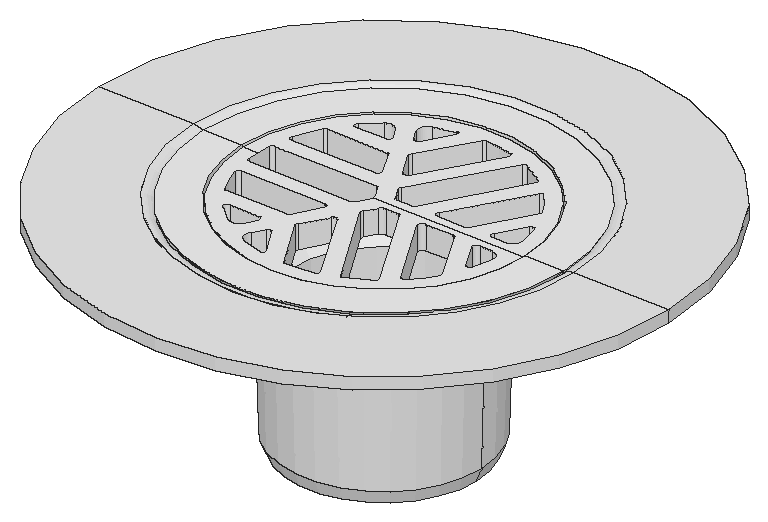
Revit family "5000.121 VC COB HF BE50", category Plumbing Fixtures, Revit 2016
Family settings
  Part Type = Normal
  Round Connector Dimension = Use Diameter
  Work Plane-Based = No
  Always vertical = Yes
  Cut with Voids When Loaded = No
  Shared = No
  Room Calculation Point = No
Parameters (values of type "5000.121")
  Waste Connection = yes
  Vent Connection = no
  URL = "www.aquaknight.co.nz"
  Phone = "+6498322214"  # constant formula
  Model = "VC COB HF BE50 – 5000.121"
  Manufacturer = "Aquanight Industries Ltd"  # constant formula
  HW Connection = no
  Email = "info@aquaknight.co.nz"  # constant formula
  Description = "DWV50 Free-form vinyl floor with round chrome lid"
  CW Connection = no
Reference planes
  plane 1 "Center (Front/Back)": y = 0
  plane 2: z = 0
  plane 3 "Center (Left/Right)": x = 0
Forms (mm)
  Revolve 1, solid, material "PVC-Piping"
    sketch origin (-2.137, 0, 1.044) x (1, 0, 0) y (0, 0, 1)
      loop
        line (-45.906, -4.044) -> (-23.563, -26.161) -> (-22.79, -53.985) -> (-21.544, -57.161) -> (-20.012, -57.161) -> (-20.819, -24.888) -> (-43.529, -2.178)
        arc (-43.529, -2.178) -> (-44.785, -1.339) -> (-46.268, -1.044) r 3.874
        line (-46.268, -1.044) -> (-70.413, -1.044) -> (-70.413, -4.044) -> (-45.906, -4.044)
      axis (2.137, -1.044) -> (2.137, -57.161)
    angle from 0 to 360
  Revolve 2, solid, material "Steel, Chrome Plated"
    sketch origin (0, 0, 1.044) x (1, 0, 0) y (0, 0, 1)
      loop
        line (-39.53, -7.731) -> (0, -7.731) -> (0, -1.838) -> (-35.659, -1.838) -> (-35.659, -3.565) -> (-36.144, -5.82) -> (-36.144, -1.526) -> (-45.735, -1.526) -> (-39.53, -7.731)
      axis (0, -1.526) -> (0, -7.731)
    angle from 0 to 360
  Extrusion 3, void
    sketch origin (0, 0, 5.044) x (0, 1, 0) y (-1, 0, 0)
      loop
        line (16.033, 12.145) -> (16.033, 27.231)
        arc (16.033, 27.231) -> (15.925, 27.633) -> (15.627, 27.925) r 0.793
        arc (15.627, 27.925) -> (12.417, 29.493) -> (9.051, 30.693) r 32
        arc (9.051, 30.693) -> (8.352, 30.568) -> (8.033, 29.932) r 0.793
        line (8.033, 29.932) -> (8.033, 8.679)
        arc (8.033, 8.679) -> (8.533, 7.813) -> (9.533, 7.813) r 1
        line (9.533, 7.813) -> (15.533, 11.278)
        arc (15.533, 11.278) -> (15.9, 11.644) -> (16.033, 12.145) r 1
      loop
        arc (4, 31.041) -> (3.796, 31.573) -> (3.288, 31.831) r 0.793
        arc (3.288, 31.831) -> (0, 32) -> (-3.288, 31.831) r 32
        arc (-3.288, 31.831) -> (-3.796, 31.573) -> (-4, 31.041) r 0.793
        line (-4, 31.041) -> (-4, 5.196)
        arc (-4, 5.196) -> (-3.866, 4.696) -> (-3.5, 4.33) r 1
        line (-3.5, 4.33) -> (-0.75, 2.742)
        arc (-0.75, 2.742) -> (0, 2.541) -> (0.75, 2.742) r 1.5
        line (0.75, 2.742) -> (3.5, 4.33)
        arc (3.5, 4.33) -> (3.866, 4.696) -> (4, 5.196) r 1
        line (4, 5.196) -> (4, 31.041)
      loop
        arc (-8.033, 29.932) -> (-8.352, 30.568) -> (-9.051, 30.693) r 0.793
        arc (-9.051, 30.693) -> (-12.417, 29.493) -> (-15.627, 27.925) r 32
        arc (-15.627, 27.925) -> (-15.924, 27.634) -> (-16.033, 27.233) r 0.793
        line (-16.033, 27.233) -> (-16.033, 12.142)
        arc (-16.033, 12.142) -> (-15.899, 11.643) -> (-15.533, 11.278) r 1
        line (-15.533, 11.278) -> (-9.533, 7.813)
        arc (-9.533, 7.813) -> (-8.533, 7.813) -> (-8.033, 8.679) r 1
        line (-8.033, 8.679) -> (-8.033, 29.932)
      loop
        arc (-20.066, 23.209) -> (-20.536, 23.935) -> (-21.39, 23.8) r 0.793
        arc (-21.39, 23.8) -> (-23.245, 21.992) -> (-24.948, 20.04) r 32
        arc (-24.948, 20.04) -> (-25.456, 18.013) -> (-24.248, 16.309) r 2.5
        line (-24.248, 16.309) -> (-21.566, 14.761)
        arc (-21.566, 14.761) -> (-20.567, 14.761) -> (-20.066, 15.626) r 1
        line (-20.066, 15.626) -> (-20.066, 23.209)
      loop
        line (-30.134, 5.773) -> (-23.566, 9.565)
        arc (-23.566, 9.565) -> (-23.066, 10.431) -> (-23.567, 11.297) r 1
        line (-23.567, 11.297) -> (-26.249, 12.845)
        arc (-26.249, 12.845) -> (-28.329, 13.039) -> (-29.829, 11.585) r 2.5
        arc (-29.829, 11.585) -> (-30.668, 9.135) -> (-31.307, 6.624) r 32
        arc (-31.307, 6.624) -> (-30.997, 5.818) -> (-30.134, 5.773) r 0.793
      loop
        line (-29.939, -8.009) -> (-11.533, 2.617)
        arc (-11.533, 2.617) -> (-11.033, 3.483) -> (-11.533, 4.349) r 1
        line (-11.533, 4.349) -> (-17.533, 7.813)
        arc (-17.533, 7.813) -> (-18.033, 7.947) -> (-18.533, 7.813) r 1
        line (-18.533, 7.813) -> (-31.6, 0.27)
        arc (-31.6, 0.27) -> (-31.893, -0.026) -> (-31.997, -0.429) r 0.793
        arc (-31.997, -0.429) -> (-31.75, -3.993) -> (-31.107, -7.508) r 32
        arc (-31.107, -7.508) -> (-30.648, -8.051) -> (-29.939, -8.009) r 0.793
      loop
        arc (-28.883, -12.057) -> (-29.241, -12.499) -> (-29.21, -13.068) r 0.793
        arc (-29.21, -13.068) -> (-27.713, -16) -> (-25.922, -18.763) r 32
        arc (-25.922, -18.763) -> (-25.445, -19.074) -> (-24.882, -18.984) r 0.793
        line (-24.882, -18.984) -> (-2.5, -6.062)
        arc (-2.5, -6.062) -> (-2.134, -5.696) -> (-2, -5.196) r 1
        line (-2, -5.196) -> (-2, -2.021)
        arc (-2, -2.021) -> (-2.201, -1.271) -> (-2.75, -0.722) r 1.5
        line (-2.75, -0.722) -> (-5.5, 0.866)
        arc (-5.5, 0.866) -> (-6, 1) -> (-6.5, 0.866) r 1
        line (-6.5, 0.866) -> (-28.883, -12.057)
      loop
        arc (-21.906, -21.923) -> (-22.297, -22.517) -> (-22.056, -23.185) r 0.793
        arc (-22.056, -23.185) -> (-19.333, -25.499) -> (-16.37, -27.496) r 32
        arc (-16.37, -27.496) -> (-15.969, -27.608) -> (-15.567, -27.501) r 0.793
        line (-15.567, -27.501) -> (-2.5, -19.957)
        arc (-2.5, -19.957) -> (-2.134, -19.591) -> (-2, -19.091) r 1
        line (-2, -19.091) -> (-2, -12.163)
        arc (-2, -12.163) -> (-2.5, -11.297) -> (-3.5, -11.297) r 1
        line (-3.5, -11.297) -> (-21.906, -21.923)
      loop
        arc (-10.067, -28.983) -> (-10.46, -29.753) -> (-9.917, -30.425) r 0.793
        arc (-9.917, -30.425) -> (-7.423, -31.127) -> (-4.881, -31.626) r 32
        arc (-4.881, -31.626) -> (-2.873, -31.053) -> (-2, -29.155) r 2.5
        line (-2, -29.155) -> (-2, -26.058)
        arc (-2, -26.058) -> (-2.5, -25.192) -> (-3.5, -25.192) r 1
        line (-3.5, -25.192) -> (-10.067, -28.983)
      loop
        line (2, -26.058) -> (2, -29.155)
        arc (2, -29.155) -> (2.873, -31.053) -> (4.881, -31.626) r 2.5
        arc (4.881, -31.626) -> (7.423, -31.127) -> (9.917, -30.425) r 32
        arc (9.917, -30.425) -> (10.46, -29.753) -> (10.067, -28.983) r 0.793
        line (10.067, -28.983) -> (3.5, -25.192)
        arc (3.5, -25.192) -> (2.5, -25.192) -> (2, -26.058) r 1
      loop
        line (2.5, -19.957) -> (15.567, -27.501)
        arc (15.567, -27.501) -> (15.969, -27.608) -> (16.37, -27.496) r 0.793
        arc (16.37, -27.496) -> (19.333, -25.499) -> (22.056, -23.185) r 32
        arc (22.056, -23.185) -> (22.297, -22.517) -> (21.906, -21.923) r 0.793
        line (21.906, -21.923) -> (3.5, -11.297)
        arc (3.5, -11.297) -> (2.5, -11.297) -> (2, -12.163) r 1
        line (2, -12.163) -> (2, -19.091)
        arc (2, -19.091) -> (2.134, -19.591) -> (2.5, -19.957) r 1
      loop
        arc (24.882, -18.984) -> (25.445, -19.074) -> (25.922, -18.763) r 0.793
        arc (25.922, -18.763) -> (27.713, -16) -> (29.21, -13.068) r 32
        arc (29.21, -13.068) -> (29.241, -12.499) -> (28.883, -12.057) r 0.793
        line (28.883, -12.057) -> (6.5, 0.866)
        arc (6.5, 0.866) -> (6, 1) -> (5.5, 0.866) r 1
        line (5.5, 0.866) -> (2.75, -0.722)
        arc (2.75, -0.722) -> (2.201, -1.271) -> (2, -2.021) r 1.5
        line (2, -2.021) -> (2, -5.196)
        arc (2, -5.196) -> (2.134, -5.696) -> (2.5, -6.062) r 1
        line (2.5, -6.062) -> (24.882, -18.984)
      loop
        arc (29.939, -8.009) -> (30.648, -8.051) -> (31.107, -7.508) r 0.793
        arc (31.107, -7.508) -> (31.75, -3.993) -> (31.997, -0.429) r 32
        arc (31.997, -0.429) -> (31.893, -0.026) -> (31.6, 0.27) r 0.793
        line (31.6, 0.27) -> (18.533, 7.813)
        arc (18.533, 7.813) -> (18.033, 7.947) -> (17.533, 7.813) r 1
        line (17.533, 7.813) -> (11.533, 4.349)
        arc (11.533, 4.349) -> (11.033, 3.483) -> (11.533, 2.617) r 1
        line (11.533, 2.617) -> (29.939, -8.009)
      loop
        arc (30.134, 5.773) -> (30.997, 5.818) -> (31.307, 6.624) r 0.793
        arc (31.307, 6.624) -> (30.668, 9.135) -> (29.829, 11.585) r 32
        arc (29.829, 11.585) -> (28.329, 13.039) -> (26.249, 12.845) r 2.5
        line (26.249, 12.845) -> (23.567, 11.297)
        arc (23.567, 11.297) -> (23.066, 10.431) -> (23.566, 9.565) r 1
        line (23.566, 9.565) -> (30.134, 5.773)
      loop
        line (20.066, 23.211) -> (20.066, 15.628)
        arc (20.066, 15.628) -> (20.566, 14.761) -> (21.566, 14.761) r 1
        line (21.566, 14.761) -> (24.248, 16.309)
        arc (24.248, 16.309) -> (25.456, 18.013) -> (24.948, 20.04) r 2.5
        arc (24.948, 20.04) -> (23.245, 21.992) -> (21.39, 23.8) r 32
        arc (21.39, 23.8) -> (20.537, 23.935) -> (20.066, 23.211) r 0.793
    from -20.5 to 49.173
  Extrusion 4, solid, material "PVC-Piping", detail levels fine
    sketch origin (0, 35, 4) x (0, 1, 0) y (-1, 0, 0)
      loop
        circle (-35, -30.415) r 6.378
    from -30 to -15
  Extrusion 5, solid, material "PVC-Piping", detail levels fine
    sketch origin (30.311, -17.5, 4) x (0.866025, -0.5, 0) y (0.5, 0.866025, 0)
      loop
        circle (-35, -30.415) r 6.378
    from -30 to -15
  Extrusion 6, solid, material "PVC-Piping", detail levels fine
    sketch origin (-30.311, -17.5, 4) x (-0.866025, -0.5, 0) y (0.5, -0.866025, 0)
      loop
        circle (-35, -30.415) r 6.378
    from -30 to -15
Cuts and joins
  Extrusion 3 cuts Revolve 2
Lines and regions (mm)
  model lines, detail levels fine
    curve 1: circle (-48.854, 45.862, 0) r 3.15 normal (0, 0, 1)
    curve 2: circle (48.854, 45.862, 0) r 3.15 normal (0, 0, -1)
    curve 3: circle (-48.854, -45.862, 0) r 3.15 normal (0, 0, -1)
    curve 4: circle (48.854, -45.862, 0) r 3.15 normal (0, 0, 1)
Dimensions and locks
  aligned and locked: level to plane 2
Connectors
  piping at (0, 0, -56.118), diameter 50
    settings: on Revolve 1, index 1, connector inside diameter 609.6 mm, connector length 0 mm, flow factor 0, pipe flow 0.0 L/s, pressure drop 0.0 Pa, fitting loss kfactor 0, connector angle 0.00°, fixture units 0, engagement length 0 mm, angle of deflection 0.00°, flow configuration 0, flow direction 0, fitting loss method 0, system type 28, joint type 0, gender type 0, connector reference index -1, connector utility 0, adjustable connector no, is connector primary yes, connector description ""
